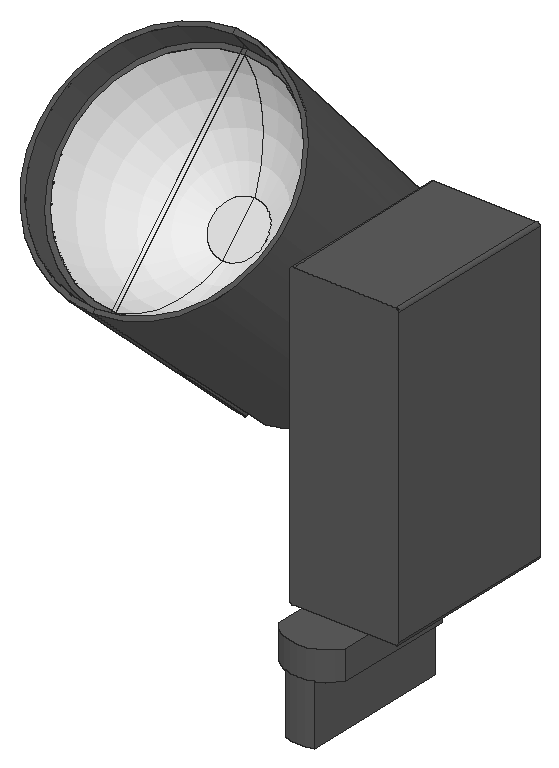
Revit family "0004846 Feilo Sylvania Lighting Fixture START TRACK SPOT L 55W 3K RA80 WB BLACK", category Lighting Fixtures, host Face, Revit 2017 (continued)
Definition of nested family "Start Track Spot Head"
  Types (96, lengths in mm): name | Wattage | built-in parameter 1150134 | Photometric Web File | Model | built-in parameter 1150105 | Lumens | built-in parameter 1150107 | built-in parameter 1150106 | HeadThickness_FEILO | HeadRibOffset_FEILO | HeadRibDepth_FEILO | HeadRibCutWidth_FEILO | HeadRibCutOffset_FEILO | HeadReflectorRadius_FEILO | HeadReflectorOffset_FEILO | HeadLEDRadius_FEILO | HeadHeight_FEILO | HeadDiffusorOffset_FEILO | HeadDiaOut_FEILO | HeadDiaIn_FEILO | HeadAxisFromTop_FEILO | Emit from Circle Diameter | built-in parameter 1150104 | Description | Apparent Load
    0004812 START TRACK SPOT S 14W 3K RA80 MB WHITE | 14 W | (empty or 0) | "0004812.ies" | "START TRACK SPOT S 14W 3K RA80 MB WHITE" | 120.32 (stored number, unit not read) | 1512 lm | 3000 (stored number, unit not read) | 1.2032 (stored number, unit not read) | 1.5 | 4.179 | 55.714 | 7.167 | 50.87 | 50.588 | 55.714 | 9.556 | 117 | 9.435 | 86 | 77.477 | 69.354 | 77.477 | 10.034 (stored number, unit not read) | "Integrated LED spotlight, Textured White - RAL9016, compact and minimalist design, ideal for retail applications, die-cast aluminium body, passive cooling heatsink. Beam angle: 36°, color temperature: 3000K , total system power: 14W, total fixture output: 1508 lm, LOR: 100%, colour rendering: Ra: 80 typical, LED Chromaticity: 3 step MacAdam ellipse, lifetime: >50000 hours at L70B50, energy class: A++, A+, A, IR/UV free light source without heat radiation, operating voltage: 220-240V / 50-60Hz, drive current: 350mA, electronic driver, non-dimmable, power factor: 0.92, electrical protection: Class II, Global Track 3 Phase adapter suitable for Global trac 3-circuit tracks, ingress protection rating: IP20, suitable for internal environment only, horizontal rotation: 355°, vertical tilt: 90°, dimensions: Ø86x140x200, weight: 0.940kg." | 14 VA
    0004811 START TRACK SPOT S 14W 3K RA80 NB WHITE | 14 W | (empty or 0) | "0004811.ies" | "START TRACK SPOT S 14W 3K RA80 NB WHITE" | 123.66 (stored number, unit not read) | 1554 lm | 3000 (stored number, unit not read) | 1.2366 (stored number, unit not read) | 1.5 | 4.179 | 55.714 | 7.167 | 50.87 | 50.588 | 55.714 | 9.556 | 117 | 9.435 | 86 | 77.477 | 69.354 | 77.477 | 10.312 (stored number, unit not read) | "Integrated LED spotlight, Textured White - RAL9016, compact and minimalist design, ideal for retail applications, die-cast aluminium body, passive cooling heatsink. Beam angle: 12°, color temperature: 3000K , total system power: 14W, total fixture output: 1551 lm, LOR: 100%, colour rendering: Ra: 80 typical, LED Chromaticity: 3 step MacAdam ellipse, lifetime: >50000 hours at L70B50, energy class: A++, A+, A, IR/UV free light source without heat radiation, operating voltage: 220-240V / 50-60Hz, drive current: 350mA, electronic driver, non-dimmable, power factor: 0.92, electrical protection: Class II, Global Track 3 Phase adapter suitable for Global trac 3-circuit tracks, ingress protection rating: IP20, suitable for internal environment only, horizontal rotation: 355°, vertical tilt: 90°, dimensions: Ø86x140x200, weight: 0.940kg." | 14 VA
  Reference planes
    plane 1 "Center (Front/Back)": y = 0
    plane 2: z = 0
    plane 3 "Center (Left/Right)": x = 0
    plane 4: x = 43
    plane 5: x = -43
    plane 6: x = -38.739
    plane 7: x = 38.739
    plane 8: z = 69.354
    plane 9: z = -47.646
    plane 10: x = -41.5
    plane 11: x = -37.239
    plane 12: z = -38.211
    plane 13: z = -35.211
    plane 14: z = 8.068
    plane 15: x = -9.556
    plane 16: x = -28.667
    plane 17: x = -19.111
    plane 18: x = -27.167
    plane 19: x = -17.611
    plane 20: x = -8.056
    plane 21: z = 13.64
    plane 22: x = -29.667
    plane 23: x = -26.167
    plane 24: x = -20.111
    plane 25: x = -16.611
    plane 26: x = -10.556
    plane 27: x = -7.056
    plane 28: x = -36.239
    plane 29: x = -40.5
    plane 30: z = 65.175
    plane 31: z = 60.997
    plane 32: z = 56.818
    plane 33: z = 18.484
    plane 34: y = -43
    plane 35: y = 43
    plane 36: y = 3.583
    plane 37: y = -3.583
    plane 38: y = -2.583
    plane 39: y = 2.583
    plane 40: y = 46
    plane 41: z = 13.5
    plane 42: z = -13.5
    plane 43: y = 39
    plane 44: x = 4.708
    plane 45: x = -2.458
    plane 46: x = -1.458
    plane 47: x = 1.458
  Forms (mm)
    Extrusion 1, solid
      sketch origin (4.2, 0, 0) x (1, 0, 0) y (0, 1, 0)
        loop
          line (-1219.2, 1219.2) -> (-1219.2, -1219.2) -> (1219.2, -1219.2) -> (1219.2, 1219.2) -> (-1219.2, 1219.2)
      from 0 to -68.017
    Revolve 2, solid, material <- "Material_1_FEILO", detail levels medium+fine
      sketch origin (0, 0, 0) x (1, 0, 0) y (0, 0, 1)
        loop
          line (-43, -47.646) -> (-41.5, -47.646) -> (-40.5, -35.211) -> (-38.739, -35.211)
          arc (-38.739, -35.211) -> (-30.16, -9.517) -> (-9.556, 8.068) r 50.588
          line (-9.556, 8.068) -> (0, 8.068) -> (0, 13.64) -> (-16.611, 13.64) -> (-17.611, 60.997) -> (-19.111, 60.997) -> (-20.111, 13.64) -> (-36.239, 13.64) -> (-37.239, 69.354) -> (-38.739, 69.354) -> (-43, -47.646)
        axis (0, 69.354) -> (0, -47.646)
      angle from 360 to 0
    Extrusion 3, void
      sketch origin (0, 0, 0) x (0, 1, 0) y (0, 0, 1)
        loop
          line (-3.583, 69.354) -> (-2.583, 18.484) -> (1.932, 18.484) -> (2.932, 69.354) -> (-3.583, 69.354)
      from 43 to -43
    Revolve 4, solid, material <- "Material_2_FEILO", detail levels medium+fine
      sketch origin (0, 0, 0) x (1, 0, 0) y (0, 0, 1)
        loop
          line (-41.5, -38.211) -> (0, -38.211) -> (0, -35.211) -> (-41.5, -35.211) -> (-41.5, -38.211)
        axis (0, -35.211) -> (0, -38.211)
      angle from 360 to 0
    Revolve 5, solid, material <- "Material_1_FEILO"
      sketch origin (0, 0, 0) x (0, 1, 0) y (0, 0, 1)
        loop
          line (46, 0) -> (39, 0) -> (39, -13.5) -> (46, -13.5) -> (46, 0)
        axis (39, 0) -> (46, 0)
      angle from 360 to 0
    Revolve 6, solid, material <- "Material_1_FEILO", detail levels medium+fine
      sketch origin (0, 0, 0) x (1, 0, 0) y (0, 0, 1)
        loop
          line (-29.667, 13.64) -> (-26.167, 13.64) -> (-27.167, 65.175) -> (-28.667, 65.175) -> (-29.667, 13.64)
        loop
          line (-10.556, 13.64) -> (-7.056, 13.64) -> (-7.833, 56.818) -> (-9.778, 56.818) -> (-10.556, 13.64)
        axis (0, 65.175) -> (0, 13.64)
      angle from 360 to 0
    Extrusion 7, void
      sketch origin (0, 0, 0) x (1, 0, 0) y (0, 0, 1)
        loop
          line (4.708, 69.354) -> (-2.458, 69.354) -> (-1.458, 13.64) -> (1.458, 13.64) -> (4.708, 69.354)
      from -43 to 43
    Revolve 8, solid, material <- "Material_1_FEILO", detail levels coarse
      sketch origin (0, 0, 0) x (1, 0, 0) y (0, 0, 1)
        loop
          line (0, 69.354) -> (-38.739, 69.354) -> (-43, -47.646) -> (-41.5, -47.646) -> (-40.731, -38.211) -> (0, -38.211) -> (0, 69.354)
        axis (0, 69.354) -> (0, -47.646)
      angle from 360 to 0
  Cuts and joins
    Extrusion 3 cuts Revolve 2
    Extrusion 7 cuts Revolve 6
  Dimensions and locks
    equal spacing: plane 7, plane 3 "Center (Left/Right)", plane 6
    equal spacing: plane 4, plane 3 "Center (Left/Right)", plane 5
    "HeadDiaOut_FEILO": plane 4 to plane 5
    "HeadDiaIn_FEILO": plane 7 to plane 6
    "HeadHeight_FEILO": plane 8 to plane 9
    "HeadThickness_FEILO": plane 10 to plane 5
    "HeadThickness_FEILO": plane 11 to plane 6
    "HeadDiffusorOffset_FEILO": plane 12 to plane 9
    "HeadDiffusorThickness_FEILO": plane 13 to plane 12
    "HeadReflectorOffset_FEILO": plane 14 to plane 9
    "HeadLEDRadius_FEILO": plane 3 "Center (Left/Right)" to plane 15
    "HeadLEDRadius_FEILO": plane 15 to plane 17
    "HeadLEDRadius_FEILO": plane 17 to plane 16
    "HeadThickness_FEILO": plane 18 to plane 16
    "HeadThickness_FEILO": plane 19 to plane 17
    "HeadThickness_FEILO": plane 20 to plane 15
    "HeadRibDepth_FEILO": plane 8 to plane 21
    "HeadDraft_FEILO": plane 16 to plane 22
    "HeadDraft_FEILO": plane 23 to plane 18
    "HeadDraft_FEILO": plane 17 to plane 24
    "HeadDraft_FEILO": plane 25 to plane 19
    "HeadDraft_FEILO": plane 15 to plane 26
    "HeadDraft_FEILO": plane 27 to plane 20
    "HeadDraft_FEILO": plane 29 to plane 10
    "HeadDraft_FEILO": plane 28 to plane 11
    "HeadRibOffset_FEILO": plane 8 to plane 30
    "HeadRibOffset_FEILO": plane 30 to plane 31
    "HeadRibOffset_FEILO": plane 31 to plane 32
    "HeadAxisFromTop_FEILO": plane 8 to plane 2
    "HeadRibCutOffset_FEILO": plane 8 to plane 33
    equal spacing: plane 34, plane 1 "Center (Front/Back)", plane 35
    "HeadDiaOut_FEILO": plane 34 to plane 35
    equal spacing: plane 38, plane 1 "Center (Front/Back)", plane 39
    equal spacing: plane 37, plane 1 "Center (Front/Back)", plane 36
    "HeadRibCutWidth_FEILO": plane 37 to plane 36
    "HeadDraft_FEILO": plane 37 to plane 38
    locked: plane 35 to plane 40 at 3
    equal spacing: plane 41, plane 2, plane 42
    locked: plane 42 to plane 41 at 27
    locked: plane 43 to plane 35 at 4
    equal spacing: plane 45, imposter light, plane 44
    "HeadDraft_FEILO": plane 46 to plane 45
    "HeadRibCutWidth_FEILO": plane 44 to plane 45
    equal spacing: plane 47, plane 3 "Center (Left/Right)", plane 46
    "HeadReflectorRadius_FEILO": radius of Revolve 2 sketch curve
    aligned and locked: plane 2 to Extrusion 1
    aligned and locked: level to Extrusion 1
    aligned and locked: Revolve 2 sketch curve to plane 3 "Center (Left/Right)"  (x2)
    aligned and locked: plane 9 to Revolve 2 sketch curve  (x2)
    aligned and locked: plane 5 to Revolve 2 sketch curve
    aligned and locked: plane 10 to Revolve 2 sketch curve
    aligned and locked: plane 14 to Revolve 2 sketch curve
    aligned and locked: plane 8 to Revolve 2 sketch curve
    aligned and locked: Revolve 2 sketch curve to plane 13
    aligned and locked: plane 12 to Revolve 4 sketch curve
    aligned and locked: plane 3 "Center (Left/Right)" to Revolve 4 sketch curve
    aligned and locked: Revolve 4 sketch curve to plane 10
    aligned and locked: Revolve 4 sketch curve to plane 3 "Center (Left/Right)"
    aligned and locked: plane 12 to imposter light
    aligned and locked: imposter light to plane 1 "Center (Front/Back)"
    aligned and locked: Revolve 5 sketch curve to plane 2
    aligned and locked: plane 43 to Revolve 5 sketch curve
    aligned and locked: plane 42 to Revolve 5 sketch curve
    aligned and locked: Revolve 6 sketch curve to plane 3 "Center (Left/Right)"
    aligned and locked: plane 22 to Revolve 6 sketch curve
    aligned and locked: plane 30 to Revolve 6 sketch curve
    aligned and locked: plane 23 to Revolve 6 sketch curve
    aligned and locked: Revolve 6 sketch curve to plane 21  (x2)
    aligned and locked: plane 21 to Revolve 6 sketch curve
    aligned and locked: plane 17 to Revolve 2 sketch curve
    aligned and locked: plane 19 to Revolve 2 sketch curve
    aligned and locked: plane 31 to Revolve 2 sketch curve
    aligned and locked: plane 21 to Revolve 2 sketch curve
    aligned and locked: Extrusion 3 to plane 8
    aligned and locked: plane 33 to Extrusion 3
    aligned and locked: plane 8 to Extrusion 3 sketch curve
    aligned and locked: Extrusion 3 sketch curve to plane 33
    aligned and locked: Extrusion 3 to plane 5
    aligned and locked: plane 4 to Extrusion 3
    aligned and locked: plane 32 to Revolve 6 sketch curve
    aligned and locked: plane 44 to Extrusion 7 sketch curve
    aligned and locked: Extrusion 7 sketch curve to plane 8
    aligned and locked: plane 46 to Extrusion 7 sketch curve
    aligned and locked: plane 21 to Extrusion 7 sketch curve
    aligned and locked: plane 34 to Extrusion 7
    aligned and locked: Extrusion 7 to plane 35
    aligned and locked: Revolve 4 sketch curve to plane 13
    aligned and locked: Revolve 5 sketch curve to plane 40
    aligned and locked: Revolve 8 sketch curve to plane 3 "Center (Left/Right)"
    aligned and locked: Revolve 8 sketch curve to cut or joined group of Revolve 2, Extrusion 3  (x3)
    aligned and locked: plane 5 to Revolve 8 sketch curve
    aligned and locked: plane 3 "Center (Left/Right)" to Revolve 8 sketch curve
    aligned and locked: plane 12 to Revolve 8 sketch curve
  Automatic sketch dimensions
    Extrusion 1 sketch curve to Extrusion 1 sketch curve = 2438.4 mm  (x2)
    Extrusion 3 sketch curve to plane 37 = 0 mm
    Extrusion 3 sketch curve to plane 38 = 0 mm
    plane 39 to Extrusion 3 sketch curve = 0.651 mm
    Extrusion 3 sketch curve to plane 39 = 0.349 mm
    Revolve 6 sketch curve to plane 16 = 0 mm
    Revolve 6 sketch curve to plane 18 = 0 mm
    Revolve 6 sketch curve to plane 26 = 0 mm
    Revolve 6 sketch curve to plane 27 = 0 mm
    Revolve 6 sketch curve to plane 15 = 0.222 mm
    plane 9 to Revolve 6 sketch curve = 559.103 mm
    Revolve 6 sketch curve to plane 8 = 2535.555 mm
    plane 20 to Revolve 6 sketch curve = 0.222 mm
    Revolve 2 sketch curve to plane 29 = 0 mm
    Revolve 2 sketch curve to plane 6 = 0 mm  (x2)
    Revolve 2 sketch curve to plane 11 = 0 mm
    Revolve 2 sketch curve to plane 21 = 0 mm
    Revolve 2 sketch curve to plane 28 = 0 mm
    Revolve 2 sketch curve to plane 24 = 0 mm
    Revolve 2 sketch curve to plane 25 = 0 mm
    Revolve 2 sketch curve to plane 15 = 0 mm
    Revolve 2 sketch curve to Revolve 2 sketch curve = 557.155 mm
    Revolve 2 sketch curve to plane 8 = 2535.558 mm
    Extrusion 7 sketch curve to plane 45 = 0 mm
    Extrusion 7 sketch curve to plane 47 = 0 mm
    plane 9 to Revolve 4 sketch curve = 559.103 mm
    Revolve 4 sketch curve to plane 8 = 2535.555 mm
    Revolve 5 sketch curve to level = 0 mm
    plane 34 to Revolve 5 sketch curve = 1968.092 mm
    Revolve 5 sketch curve to plane 40 = 1405.763 mm
    Revolve 8 sketch curve to plane 6 = 0 mm
    Revolve 8 sketch curve to plane 29 = 0.231 mm
    plane 9 to Revolve 8 sketch curve = 559.103 mm
    Revolve 8 sketch curve to Revolve 8 sketch curve = 2535.555 mm
Definition of nested family "Start Track Spot Box"
  Parameters (values of type "Type Large White")
    URL = "http://www.feilosylvania.com"
    Type Image = (empty or 0)
    Type Comments = "n/a"
    Small_FEILO = no
    Material_3_FEILO = none
    Model = ""
    Manufacturer = "Feilo Sylvania"
    Keynote = ""
    Material_2_FEILO = none
    Description = ""
    Default Elevation = 1219.2 mm
    Cost = 0
    Material_1_FEILO = none
    BoxWidth_FEILO = 49 mm
    BoxStartAngle_FEILO [instance] = 0.00°
    BoxRadius_FEILO = 1.5 mm
    BoxHeight_FEILO = if(Small_FEILO, 112 mm, 136 mm)  # 136 mm
    BoxEndAngle_FEILO [instance] = BoxStartAngle_FEILO - 180.00°  # -180.00°
    BoxDepth_FEILO = if(Small_FEILO, 71.5 mm, 79 mm)  # 79 mm
    BoxAxisVerticalOffset_FEILO = 16 mm
    BoxAxisOffset_FEILO = BoxHeight_FEILO / 6.8  # 20 mm
    Assembly Code = ""
    Material_4_FEILO = none
  Types (4, lengths in mm): name | Small_FEILO | BoxHeight_FEILO | BoxDepth_FEILO | BoxAxisOffset_FEILO
    Type Large White | no | 136 | 79 | 20
    Type Small White | yes | 112 | 71.5 | 16.471
    Type Small Black | yes | 112 | 71.5 | 16.471
    Type Large Black | no | 136 | 79 | 20
  Reference planes
    plane 1 "Center (Front/Back)": y = 0
    plane 2: z = 0
    plane 3 "Center (Left/Right)": x = 0
    plane 4: x = 24.5
    plane 5: x = -24.5
    plane 6: y = 68
    plane 7: y = -68
    plane 8: z = 39.5
    plane 9: z = -39.5
    plane 10: y = -48
    plane 11: x = 30.5
    plane 12: x = 8.5
    plane 13: x = 21.5
    plane 14: y = 70
    plane 15: y = 72
    plane 16: x = 19.5
  Forms (mm)
    Extrusion 1, solid
      sketch origin (4.2, 0, 0) x (1, 0, 0) y (0, 1, 0)
        loop
          line (-1219.2, 1219.2) -> (-1219.2, -1219.2) -> (1219.2, -1219.2) -> (1219.2, 1219.2) -> (-1219.2, 1219.2)
      from 0 to -68.017
    Extrusion 2, solid, material <- "Material_1_FEILO"
      sketch origin (0, 0, 0) x (1, 0, 0) y (0, 1, 0)
        loop
          arc (-23, 68) -> (-24.061, 67.561) -> (-24.5, 66.5) r 1.5
          line (-24.5, 66.5) -> (-24.5, -66.5)
          arc (-24.5, -66.5) -> (-24.061, -67.561) -> (-23, -68) r 1.5
          line (-23, -68) -> (23, -68)
          arc (23, -68) -> (24.061, -67.561) -> (24.5, -66.5) r 1.5
          line (24.5, -66.5) -> (24.5, 66.5)
          arc (24.5, 66.5) -> (24.061, 67.561) -> (23, 68) r 1.5
          line (23, 68) -> (-23, 68)
      from -39.5 to 39.5
    Revolve 3, solid, not visible
      sketch origin (0, 0, 0) x (1, 0, 0) y (0, 1, 0)
        loop
          line (30.5, -48) -> (24.5, -48) -> (24.5, -68) -> (30.5, -68) -> (30.5, -48)
        axis (30.5, -48) -> (24.5, -48)
      angle from 0 <- "BoxStartAngle_FEILO" to -180 <- "BoxEndAngle_FEILO"
    Revolve 4, solid, material <- "Material_2_FEILO"
      sketch origin (0, 0, 0) x (1, 0, 0) y (0, 1, 0)
        loop
          line (8.5, 68) -> (19.5, 68) -> (19.5, 70) -> (21.5, 70) -> (21.5, 72) -> (8.5, 72) -> (8.5, 68)
        axis (8.5, 72) -> (8.5, 68)
      angle from 360 to 0
  Dimensions and locks
    equal spacing: plane 5, plane 3 "Center (Left/Right)", plane 4
    "BoxWidth_FEILO": plane 5 to plane 4
    equal spacing: plane 7, plane 1 "Center (Front/Back)", plane 6
    "BoxHeight_FEILO": plane 7 to plane 6
    equal spacing: plane 8, plane 2, plane 9
    "BoxDepth_FEILO": plane 8 to plane 9
    "BoxAxisOffset_FEILO": plane 7 to plane 10
    locked: plane 4 to plane 11 at 6
    "BoxAxisVerticalOffset_FEILO": plane 12 to plane 4
    locked: plane 12 to plane 13 at 13
    plane 6 to plane 14 to plane 15 = 2 mm locked, 2 mm locked
    locked: plane 12 to plane 16 at 11
    "BoxRadius_FEILO": radius of Extrusion 2 sketch curve  (x4)
    aligned and locked: plane 2 to Extrusion 1
    aligned and locked: level to Extrusion 1
    aligned and locked: plane 6 to Extrusion 2 sketch curve
    aligned and locked: plane 5 to Extrusion 2 sketch curve
    aligned and locked: Extrusion 2 sketch curve to plane 7
    aligned and locked: Extrusion 2 sketch curve to plane 4
    aligned and locked: Extrusion 2 to plane 8
    aligned and locked: plane 9 to Extrusion 2
    aligned and locked: Revolve 3 sketch curve to plane 10  (x2)
    aligned and locked: plane 11 to Revolve 3 sketch curve
    aligned and locked: Revolve 3 sketch curve to plane 4
    aligned and locked: plane 7 to Revolve 3 sketch curve
    aligned and locked: Revolve 4 sketch curve to plane 12
    aligned and locked: plane 6 to Revolve 4 sketch curve
    aligned and locked: plane 12 to Revolve 4 sketch curve
    aligned and locked: plane 15 to Revolve 4 sketch curve
    aligned and locked: Revolve 4 sketch curve to plane 13
    aligned and locked: Revolve 4 sketch curve to plane 14
    aligned and locked: Revolve 4 sketch curve to plane 16
    aligned and locked: Revolve 4 sketch curve to plane 6
  Automatic sketch dimensions
    Extrusion 1 sketch curve to Extrusion 1 sketch curve = 2438.4 mm  (x2)
    Revolve 3 sketch curve to plane 5 = 1499.5 mm
    plane 11 to Revolve 3 sketch curve = 1493.5 mm
    plane 15 to Revolve 4 sketch curve = 0 mm
    plane 7 to Revolve 4 sketch curve = 1456 mm
    Revolve 4 sketch curve to plane 15 = 1452 mm
